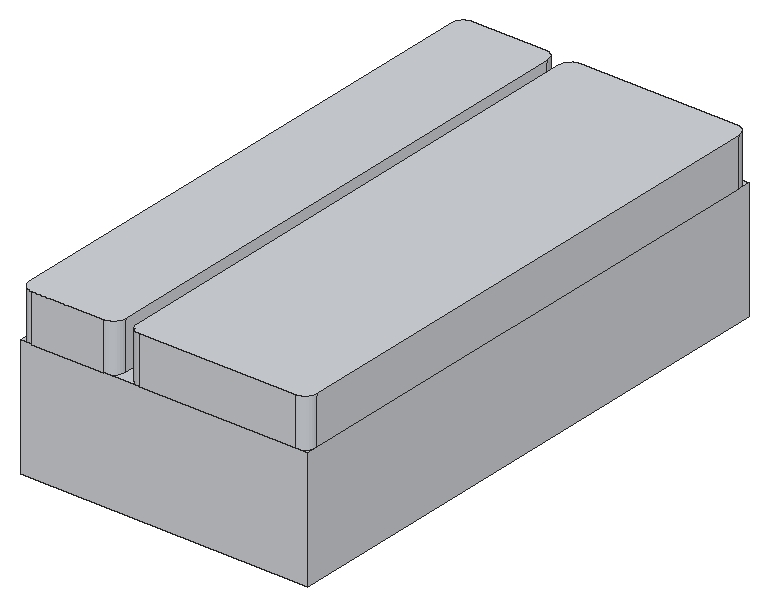
Revit family "a89e38d68a344be2b5e273c08ab44fc2", category Security Devices, host Face, Revit 2021
Family settings
  Host = Face
  Maintain Annotation Orientation = Yes
  Round Connector Dimension = Use Diameter
  Part Type = Normal
  OmniClass Number = 23.85.30.11.11
  OmniClass Title = Access Control and Counting Systems
  Seek Item ID = Card Reader-0000-USA-ENU
  Cut with Voids When Loaded = No
  Shared = No
  Room Calculation Point = No
Parameters (values of type "Standard")
  Length 1 = Length / 3  # 0' - 0.79948"
  Read Height = 0' - 0 51/128"
  Label = "CR"
  Default Elevation = 4' - 0"
  Width = 0' - 4 77/128"
  Material = none
  Length = 0' - 2 51/128"
  Height = 0' - 1 51/128"
Reference planes (in)
  plane 1 "Center (Front/Back)": y = 0
  plane 2: z = 0
  plane 3 "Center (Left/Right)": x = 0
  plane 4: y = -4.60156
  plane 5: x = -1.19922
  plane 6: x = 1.19922
  plane 7: z = 1.39844
  plane 8: z = 1
  plane 9: x = -0.39974
  plane 10: y = -0.1
  plane 11: y = -4.50156
  plane 12: x = -1.09922
  plane 13: x = -0.49974
  plane 14: x = -0.29974
  plane 15: x = 1.09922
  plane 16: x = -0.19974
Forms (in)
  Extrusion 1, solid, material <- "Material"
    sketch origin (0, 0, 0) x (1, 0, 0) y (0, 1, 0)
      loop
        line (-1.19922, 0) -> (-1.19922, -4.60156) -> (1.19922, -4.60156) -> (1.19922, 0) -> (-1.19922, 0)
    from 0 to 1
  Extrusion 2, solid, material <- "Material"
    sketch origin (0, 0, 0) x (1, 0, 0) y (0, 1, 0)
      loop
        line (-1.19922, -0.1) -> (-1.19922, -4.50156)
        arc (-1.19922, -4.50156) -> (-1.16993, -4.57227) -> (-1.09922, -4.60156) r 0.1
        line (-1.09922, -4.60156) -> (-0.49974, -4.60156)
        arc (-0.49974, -4.60156) -> (-0.42903, -4.57227) -> (-0.39974, -4.50156) r 0.1
        line (-0.39974, -4.50156) -> (-0.39974, -0.1)
        arc (-0.39974, -0.1) -> (-0.42903, -0.02929) -> (-0.49974, 0) r 0.1
        line (-0.49974, 0) -> (-1.09922, 0)
        arc (-1.09922, 0) -> (-1.16993, -0.02929) -> (-1.19922, -0.1) r 0.1
    from 1 to 1.39844
  Extrusion 3, solid, material <- "Material"
    sketch origin (0, 0, 0) x (1, 0, 0) y (0, 1, 0)
      loop
        line (1.09922, 0) -> (-0.19974, 0)
        arc (-0.19974, 0) -> (-0.27045, -0.02929) -> (-0.29974, -0.1) r 0.1
        line (-0.29974, -0.1) -> (-0.29974, -4.50156)
        arc (-0.29974, -4.50156) -> (-0.27045, -4.57227) -> (-0.19974, -4.60156) r 0.1
        line (-0.19974, -4.60156) -> (1.09922, -4.60156)
        arc (1.09922, -4.60156) -> (1.16993, -4.57227) -> (1.19922, -4.50156) r 0.1
        line (1.19922, -4.50156) -> (1.19922, -0.1)
        arc (1.19922, -0.1) -> (1.16993, -0.02929) -> (1.09922, 0) r 0.1
    from 1 to 1.39844
Lines and regions (in)
  symbolic lines, detail levels fine
    curve 1: line (-0.39974, 0, 1.39844) -> (-1.19922, 0, 1.39844)
    curve 2: line (-1.19922, 0, 0) -> (1.19922, 0, 0)
    curve 3: line (-1.19922, 0, 1) -> (-1.19922, 0, 0)
    curve 4: line (1.19922, 0, 0) -> (1.19922, 0, 1)
    curve 5: line (-1.19922, 0, 1.39844) -> (-1.19922, 0, 1)
    curve 6: line (-0.39974, 0, 1.39844) -> (-0.39974, 0, 1)
    curve 7: line (1.19922, 0, 1.39844) -> (1.19922, 0, 1)
    curve 8: line (1.19922, 0, 1.39844) -> (-0.29974, 0, 1.39844)
    curve 9: line (1.19922, 0, 1) -> (-1.19922, 0, 1)
    curve 10: line (-0.29974, 0, 1.39844) -> (-0.29974, 0, 1)
Dimensions and locks (in)
  "Width": plane 1 "Center (Front/Back)" to plane 4
  "Read Height": plane 7 to plane 8
  "Height": plane 7 to plane 2
  "Length 1": plane 5 to plane 9
  equal spacing: plane 5, plane 3 "Center (Left/Right)", plane 6
  "Length": plane 5 to plane 6
  locked: plane 1 "Center (Front/Back)" to plane 10 at 0.1
  locked: plane 11 to plane 4 at 0.1
  locked: plane 5 to plane 12 at 0.1
  locked: plane 15 to plane 6 at 0.1
  locked: plane 13 to plane 9 at 0.1
  locked: plane 9 to plane 14 at 0.1
  locked: plane 14 to plane 16 at 0.1
  aligned and locked: plane 2 to host face
  aligned and locked: level to host face
  aligned and locked: plane 5 to Extrusion 1 sketch curve
  aligned and locked: plane 1 "Center (Front/Back)" to Extrusion 1 sketch curve
  aligned and locked: plane 4 to Extrusion 1 sketch curve
  aligned and locked: Extrusion 1 sketch curve to plane 6
  aligned and locked: Extrusion 1 to plane 2
  aligned: plane 7 to Extrusion 1
  aligned and locked: plane 1 "Center (Front/Back)" to nested 1
  aligned and locked: plane 3 "Center (Left/Right)" to nested 1
  aligned and locked: plane 8 to Extrusion 1
  aligned and locked: plane 5 to Extrusion 2 sketch curve  (x2)
  aligned and locked: plane 13 to Extrusion 2 sketch curve
  aligned and locked: plane 9 to Extrusion 2 sketch curve
  aligned and locked: plane 11 to Extrusion 2 sketch curve  (x2)
  aligned and locked: plane 4 to Extrusion 2 sketch curve
  aligned and locked: plane 1 "Center (Front/Back)" to Extrusion 2 sketch curve
  aligned and locked: Extrusion 2 sketch curve to plane 4
  aligned and locked: Extrusion 2 to plane 8
  aligned and locked: plane 7 to Extrusion 2
  aligned and locked: plane 15 to Extrusion 3 sketch curve
  aligned and locked: plane 6 to Extrusion 3 sketch curve
  aligned and locked: Extrusion 3 sketch curve to plane 6
  aligned and locked: Extrusion 3 to plane 8
  aligned and locked: plane 7 to Extrusion 3
  aligned and locked: curve 1 to Extrusion 2
  aligned and locked: curve 2 to Extrusion 1
  aligned and locked: curve 3 to Extrusion 1
  aligned and locked: curve 4 to Extrusion 1
  aligned and locked: curve 5 to Extrusion 2
  aligned and locked: curve 6 to Extrusion 2
  aligned and locked: curve 7 to Extrusion 3
  aligned and locked: plane 16 to Extrusion 3 sketch curve
  aligned and locked: plane 14 to Extrusion 3 sketch curve  (x2)
  aligned and locked: plane 11 to Extrusion 3 sketch curve
  aligned and locked: plane 4 to Extrusion 3 sketch curve  (x2)
  aligned and locked: plane 1 "Center (Front/Back)" to Extrusion 3 sketch curve
  aligned and locked: curve 8 to Extrusion 3
  aligned and locked: curve 9 to Extrusion 1
  aligned and locked: curve 10 to Extrusion 3
Automatic sketch dimensions
  host sketch curve to host sketch curve = 8' - 0"  (x2)
  Extrusion 2 sketch curve to plane 12 = 0' - 0"
  Extrusion 3 sketch curve to plane 11 = 0' - 0"
Nested families (in)
  nested 1: "Card Reader Annotation" at (0, 0, 0), type "Card Reader Annotation", detail levels coarse+medium
Connectors (in)
  electrical at (0, -2.30078, 0)
    settings: on Extrusion 1, index 1, voltage 0 V, apparent load 0 VA, apparent load phase1 0 VA, apparent load phase2 0 VA, apparent load phase3 0 VA, power factor 1, load classification "Other", number of poles 1, system type 10, power factor state 1, is connector primary yes, connector utility no, sub classification motor no, connector description ""
Definition of nested family "Card Reader Annotation"
  Parameters
    Label Annotation = "CR"
  Reference planes (in)
    plane 1: y = 0
    plane 2: x = 0
  Lines and regions (in)
    reference lines
      curve 1: line (-0.39894, 0.1875, 0) -> (1.0709, 0.1875, 0)
      curve 2: line (-0.09375, 0.25988, 0) -> (-0.09375, -0.13095, 0)
      curve 3: line (0.09375, 0.29103, 0) -> (0.09375, -0.18193, 0)
    detail lines
      curve 4: line (-0.09375, 0.1875, 0) -> (0.09375, 0.1875, 0)
      curve 5: line (-0.09375, 0, 0) -> (-0.09375, 0.1875, 0)
      curve 6: line (0.09375, 0, 0) -> (-0.09375, 0, 0)
      curve 7: line (0.09375, 0.1875, 0) -> (0.09375, 0, 0)
  Text (in)
    label "CR" at (-0.09229, 0.0813, 0), shows "Label Annotation"
  Dimensions and locks (in)
    locked: plane 1 to curve 1 at 0.1875
    locked: curve 2 to plane 2 at 0.09375
    locked: plane 2 to curve 3 at 0.09375
    aligned and locked: curve 1 to curve 4
    aligned and locked: curve 3 to curve 7
    aligned and locked: curve 6 to plane 1
    aligned and locked: curve 5 to curve 2
